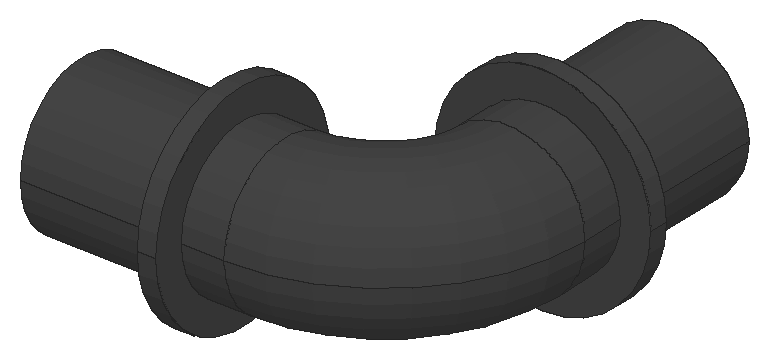
Revit family "BIMLIB_Уголок 90_PEX_РОСТерм", category Соединительные детали трубопроводов, Revit 2017
Family settings
  Размер круглого соединителя = Использовать диаметр
  Тип детали = Отвод
  На основе рабочей плоскости = Нет
  Всегда вертикально = Да
  При загрузке вырезать с полостями = Нет
  Общий = Нет
Parameters (values of type "Уголок 90° PEX")
  РТ_С [instance] = if(1 = 1, РТ_DN + 10 mm, РТ_DN + 10 mm)  # 35 mm
  РТ_D [instance] = size_lookup("наименование", "РТ_D", 0 mm, РТ_DN)  # 30 mm
  Описание = "Уголок 90°"
  Изготовитель = "РОСТерм"  # constant formula
  URL = "http://rostherm.ru/"
  РТ_Угол [instance] = 90.00°  # constant formula
  РТ_DN [instance] = 25 mm
  BL_Разработано = "support@bimlib.ru"  # constant formula
  BL_Email = "rostherm@bimlib.ru"  # constant formula
  BL_BIM library = "https://bimlib.ru/manufacturer/company/1632"
  РТ_B [instance] = size_lookup("наименование", "РТ_B", 0 mm, РТ_DN)  # 53 mm
  ADSK_Примечание = ""
  ADSK_Позиция = ""
  ADSK_Обозначение [instance] = "ГОСТ 32415-2013"  # constant formula
  ADSK_Наименование краткое [instance] = size_lookup("наименование", "", "-", РТ_DN)  # "Уголок 90° 25"
  ADSK_Наименование [instance] = size_lookup("наименование", "", "-", РТ_DN)  # "Уголок 90° 25"
  ADSK_Материал = BIMLIB_Черный_РТ
  ADSK_Масса_Текст [instance] = size_lookup("масса", "", "-", РТ_DN)  # "0,031"
  ADSK_Масса = 0
  ADSK_Марка = ""
  ADSK_Код изделия [instance] = size_lookup("артикул", "", "-", РТ_DN)  # "Fang90-25"
  ADSK_Завод-изготовитель = "РОСТерм"  # constant formula
  ADSK_Единица измерения = "шт."  # constant formula
  ADSK_Версия Revit = "2017"  # constant formula
  ADSK_URL страницы изделия = "http://rostherm.ru/pexb/"
  ADSK_URL документации изделия = "http://rostherm.ru/"
  РТ_A [instance] = РТ_DN  # 25 mm
Reference planes
  plane 1 "Center (Front/Back)": y = 0
  plane 2: z = 0
  plane 3 "Center (Left/Right)": x = 0
  plane 4: y = -12.5
  plane 5: y = 12.5
  plane 6: x = -12.5
  plane 7: x = 12.5
  plane 8: y = 53
  plane 9 "Левый край": x = -53
  plane 10 "Право2": y = 30
  plane 11 "Лево2": x = -30
Forms (mm)
  Sweep 1, solid, material "BIMLIB_Черный_РТ" <- "ADSK_Материал", detail levels medium+fine
    path origin (0, 0, 0) x (1, 0, 0) y (0, 1, 0)
      loop
        line (-53, 0) -> (-20, 0)
        arc (-20, 0) -> (-5.858, 5.858) -> (0, 20) r 20
        line (0, 20) -> (0, 53)
    profile origin (-36.5, 0, 0) x (0, 1, 0) y (0, 0, 1)
      loop
        circle (0, 0) r 12.5
  Extrusion 2, solid, material "BIMLIB_Черный_РТ" <- "ADSK_Материал", detail levels medium+fine
    sketch origin (-30, 0, 0) x (0, 1, 0) y (0, 0, 1)
      loop
        circle (0, 0) r 17.5
    from 0 to 3
  Extrusion 3, solid, material "BIMLIB_Черный_РТ" <- "ADSK_Материал", detail levels medium+fine
    sketch origin (0, 30, 0) x (-1, 0, 0) y (0, 0, 1)
      loop
        circle (0, 0) r 17.5
    from 0 to -3
Cuts and joins
  joined: Sweep 1, Extrusion 2, Extrusion 3
Lines and regions (mm)
  model lines, detail levels coarse
    curve 1: line (-30, 0, 0) -> (-12.5, 0, 0)
    curve 2: line (0, 30, 0) -> (0, 12.5, 0)
    curve 3: arc (0, 12.5, 0) -> (-3.661, 3.661, 0) -> (-12.5, 0, 0) r 12.5
    curve 4: line (-30, -5, 0) -> (-30, 5, 0)
    curve 5: line (-4.899, 30, 0) -> (5.101, 30, 0)
Dimensions and locks
  equal spacing: plane 4, plane 1 "Center (Front/Back)", plane 5
  "РТ_DN": plane 4 to plane 5
  equal spacing: plane 6, plane 3 "Center (Left/Right)", plane 7
  "РТ_DN": plane 6 to plane 7
  "РТ_D": plane 11 "Лево2" to plane 3 "Center (Left/Right)"
  "РТ_D": plane 1 "Center (Front/Back)" to plane 10 "Право2"
  "РТ_B": plane 9 "Левый край" to plane 3 "Center (Left/Right)"
  "РТ_B": plane 1 "Center (Front/Back)" to plane 8
  "РТ_A": diameter of Sweep 1 sketch curve
  "РТ_С": diameter of Extrusion 2 sketch curve
  "РТ_С": diameter of Extrusion 3 sketch curve
  radius of Sweep 1 sketch curve = 20 mm
  aligned and locked: level to plane 2
  aligned and locked: plane 9 "Левый край" to Sweep 1 sketch curve
  aligned and locked: plane 8 to Sweep 1 sketch curve
  aligned and locked: plane 3 "Center (Left/Right)" to Sweep 1 sketch curve
  aligned and locked: plane 1 "Center (Front/Back)" to curve 1
  aligned and locked: curve 2 to plane 3 "Center (Left/Right)"
  aligned and locked: plane 11 "Лево2" to curve 4
  aligned and locked: curve 5 to plane 10 "Право2"
Automatic sketch dimensions
  plane 1 "Center (Front/Back)" to Sweep 1 sketch curve = 0 mm
  plane 5 to curve 3 = 0 mm
  curve 5 to plane 3 "Center (Left/Right)" = 4.899 mm
  plane 3 "Center (Left/Right)" to curve 5 = 5.101 mm
  plane 1 "Center (Front/Back)" to curve 4 = 5 mm
  curve 4 to plane 1 "Center (Front/Back)" = 5 mm
  Sweep 1 sketch curve to level = 0 mm
  Sweep 1 sketch curve to profile plane = 0 mm
  Extrusion 2 sketch curve to level = 0 mm
  Extrusion 2 sketch curve to plane 1 "Center (Front/Back)" = 0 mm
  Extrusion 3 sketch curve to level = 0 mm
  Extrusion 3 sketch curve to plane 3 "Center (Left/Right)" = 0 mm
Connectors
  piping at (0, 30, 0), diameter 25, driven by "РТ_DN", driven by "РТ_Угол"
    settings: on Extrusion 3, index 1, connector inside diameter 609.6 mm, connector length 0 mm, flow factor 0, pipe flow 0.0 L/s, pressure drop 0.0 Pa, fitting loss kfactor 0, connector angle 90.00°, fixture units 0, engagement length 0 mm, angle of deflection 0.00°, flow configuration 0, flow direction 0, fitting loss method 0, system type 28, joint type 0, gender type 0, connector reference index 2, connector utility 0, adjustable connector no, is connector primary no, connector description ""
  piping at (-30, 0, 0), diameter 25, driven by "РТ_DN", driven by "РТ_Угол"
    settings: on Extrusion 2, index 2, connector inside diameter 609.6 mm, connector length 0 mm, flow factor 0, pipe flow 0.0 L/s, pressure drop 0.0 Pa, fitting loss kfactor 0, connector angle 90.00°, fixture units 0, engagement length 0 mm, angle of deflection 0.00°, flow configuration 0, flow direction 0, fitting loss method 0, system type 28, joint type 0, gender type 0, connector reference index 1, connector utility 0, adjustable connector no, is connector primary yes, connector description ""
